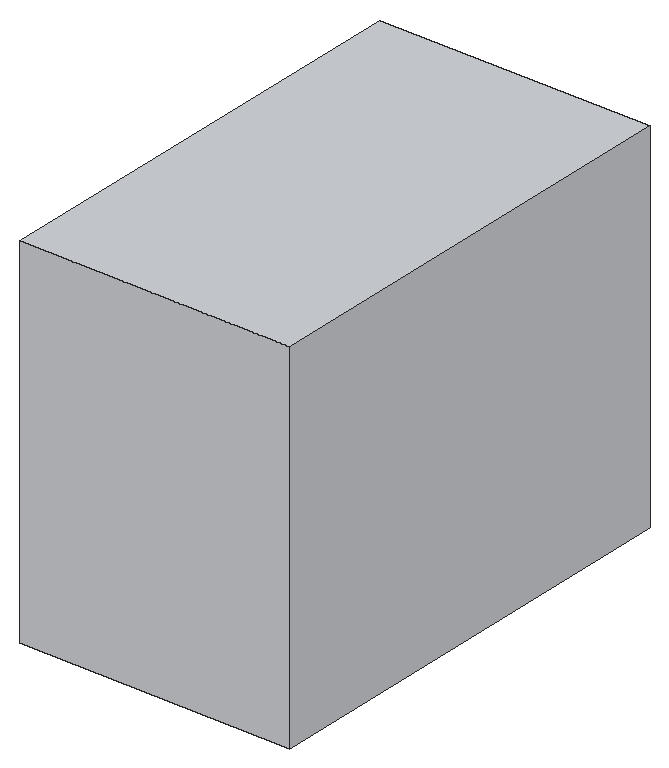
Revit family "XXX_RLT-Gerät_Befeuchter elektrisch", category HLS-Bauteile, Revit 2014
Parameters (values of type "Allgemein")
  Breite = 500 mm
  Druckverlust [instance] = 0.00 in-wg
  Länge = 300 mm
  Höhe = 400 mm
  Widerstandsbeiwert [instance] = 0
Reference planes
  plane 1 "Mitte (Vorne/Hinten)": y = 0
  plane 2: z = 0
  plane 3 "Mitte (Links/Rechts)": x = 0
  plane 4: y = 250
  plane 5: y = -250
  plane 6: x = -150
  plane 7: x = 150
  plane 8: z = 200
  plane 9: z = -200
  plane 10: x = -110
  plane 11: y = -150
  plane 12: y = 150
  plane 13: y = 100
  plane 14: y = 50
  plane 15: x = 110
  plane 16: y = 200
  plane 17: y = -200
  plane 18: y = -100
  plane 19: y = -50
  plane 20: z = 160
  plane 21: z = 120
  plane 22: z = 80
  plane 23: z = 40
  plane 24: z = -40
  plane 25: z = -80
  plane 26: z = -120
  plane 27: z = -160
Forms (mm)
  Extrusion 1, solid, detail levels medium+fine
    sketch origin (-150, 397.271, 1219.2) x (0, 1, 0) y (0, 0, 1)
      loop
        line (-147.271, -1019.2) -> (-647.271, -1019.2) -> (-647.271, -1419.2) -> (-147.271, -1419.2) -> (-147.271, -1019.2)
    from 0 to 300
Lines and regions (mm)
  model lines, detail levels coarse
    curve 1: line (-150, 250, 0) -> (150, 250, 0)
    curve 2: line (-150, -250, 0) -> (-150, 250, 0)
    curve 3: line (150, -250, 0) -> (-150, -250, 0)
    curve 4: line (150, 250, 0) -> (150, -250, 0)
    curve 5: line (-150, 0, 200) -> (150, 0, 200)
    curve 6: line (-150, 0, -200) -> (-150, 0, 200)
    curve 7: line (150, 0, -200) -> (-150, 0, -200)
    curve 8: line (150, 0, 200) -> (150, 0, -200)
    curve 9: line (0, 250, 200) -> (0, -250, 200)
    curve 10: line (0, 250, -200) -> (0, 250, 200)
    curve 11: line (0, -250, -200) -> (0, 250, -200)
    curve 12: line (0, -250, 200) -> (0, -250, -200)
    curve 13: line (-110, 200, 0) -> (-110, -200, 0)
    curve 14: line (-150, -150, 0) -> (150, -150, 0)
    curve 15: line (0, 50, 0) -> (110, 50, 0)
    curve 16: line (0, 100, 0) -> (110, 100, 0)
    curve 17: line (0, 150, 0) -> (110, 150, 0)
  model lines
    curve 18: line (-110, 200, 200) -> (-110, -200, 200)
    curve 19: line (-150, -150, 200) -> (150, -150, 200)
    curve 20: line (0, 150, 200) -> (110, 150, 200)
    curve 21: line (0, 100, 200) -> (110, 100, 200)
    curve 22: line (0, 50, 200) -> (110, 50, 200)
    curve 23: line (-110, -250, 160) -> (-110, -250, -160)
    curve 24: line (-150, -250, -120) -> (150, -250, -120)
    curve 25: line (0, -250, 120) -> (110, -250, 120)
    curve 26: line (0, -250, 80) -> (110, -250, 80)
    curve 27: line (0, -250, 40) -> (110, -250, 40)
    curve 28: line (-110, 250, 160) -> (-110, 250, -160)
    curve 29: line (150, 250, -120) -> (-150, 250, -120)
    curve 30: line (0, 250, 40) -> (110, 250, 40)
    curve 31: line (0, 250, 80) -> (110, 250, 80)
    curve 32: line (0, 250, 120) -> (110, 250, 120)
Dimensions and locks
  equal spacing: plane 6, plane 3 "Mitte (Links/Rechts)", plane 7
  "Länge": plane 6 to plane 7
  "Höhe": plane 8 to plane 9
  "Breite": plane 5 to plane 4
  locked: plane 6 to plane 10 at 40
  locked: plane 15 to plane 7 at 40
  equal spacing: plane 4, plane 16, plane 12, plane 13, plane 14, plane 1 "Mitte (Vorne/Hinten)", plane 19, plane 18, plane 11, plane 17, plane 5
  equal spacing: plane 8, plane 20, plane 21, plane 22, plane 23, level, plane 24, plane 25, plane 26, plane 27, plane 9
  aligned and locked: plane 2 to level
  aligned and locked: plane 7 to Extrusion 1
  aligned and locked: Extrusion 1 to plane 6
  aligned and locked: plane 8 to Extrusion 1
  aligned and locked: plane 9 to Extrusion 1
  aligned and locked: plane 5 to Extrusion 1
  aligned and locked: plane 4 to Extrusion 1
  aligned and locked: curve 1 to Extrusion 1
  aligned and locked: curve 2 to Extrusion 1
  aligned and locked: curve 3 to Extrusion 1
  aligned and locked: curve 4 to Extrusion 1
  aligned and locked: curve 5 to Extrusion 1
  aligned and locked: curve 6 to Extrusion 1
  aligned and locked: curve 7 to Extrusion 1
  aligned and locked: curve 8 to Extrusion 1
  aligned and locked: curve 9 to Extrusion 1
  aligned and locked: curve 11 to Extrusion 1
  aligned and locked: curve 13 to plane 10
  aligned and locked: plane 16 to curve 13
  aligned and locked: plane 17 to curve 13
  aligned and locked: plane 6 to curve 14
  aligned and locked: curve 14 to plane 11
  aligned and locked: plane 7 to curve 14
  aligned and locked: curve 15 to plane 14
  aligned and locked: curve 16 to plane 13
  aligned and locked: curve 17 to plane 12
  aligned and locked: plane 3 "Mitte (Links/Rechts)" to curve 17
  aligned and locked: plane 3 "Mitte (Links/Rechts)" to curve 16
  aligned and locked: plane 3 "Mitte (Links/Rechts)" to curve 15
  aligned and locked: plane 15 to curve 17
  aligned and locked: plane 15 to curve 16
  aligned and locked: plane 15 to curve 15
  aligned and locked: curve 18 to plane 10
  aligned and locked: curve 19 to plane 11
  aligned and locked: plane 7 to curve 19
  aligned and locked: plane 6 to curve 19
  aligned and locked: plane 17 to curve 18
  aligned and locked: plane 16 to curve 18
  aligned and locked: curve 22 to plane 14
  aligned and locked: curve 21 to plane 13
  aligned and locked: curve 20 to plane 12
  aligned and locked: plane 15 to curve 20
  aligned and locked: plane 15 to curve 21
  aligned and locked: plane 15 to curve 22
  aligned and locked: plane 3 "Mitte (Links/Rechts)" to curve 20
  aligned and locked: plane 3 "Mitte (Links/Rechts)" to curve 21
  aligned and locked: plane 3 "Mitte (Links/Rechts)" to curve 22
  aligned and locked: curve 23 to plane 10
  aligned and locked: curve 24 to plane 26
  aligned and locked: plane 7 to curve 24
  aligned and locked: plane 6 to curve 24
  aligned and locked: plane 27 to curve 23
  aligned and locked: plane 20 to curve 23
  aligned and locked: curve 27 to plane 23
  aligned and locked: curve 26 to plane 22
  aligned and locked: curve 25 to plane 21
  aligned and locked: plane 3 "Mitte (Links/Rechts)" to curve 25
  aligned and locked: plane 3 "Mitte (Links/Rechts)" to curve 26
  aligned and locked: plane 3 "Mitte (Links/Rechts)" to curve 27
  aligned and locked: plane 15 to curve 27
  aligned and locked: plane 15 to curve 26
  aligned and locked: plane 15 to curve 25
  aligned and locked: plane 10 to curve 28
  aligned and locked: plane 20 to curve 28
  aligned and locked: plane 27 to curve 28
  aligned and locked: curve 29 to plane 26
  aligned and locked: plane 6 to curve 29
  aligned and locked: plane 7 to curve 29
  aligned and locked: plane 23 to curve 30
  aligned and locked: plane 22 to curve 31
  aligned and locked: plane 21 to curve 32
  aligned and locked: plane 3 "Mitte (Links/Rechts)" to curve 32
  aligned and locked: plane 3 "Mitte (Links/Rechts)" to curve 31
  aligned and locked: plane 3 "Mitte (Links/Rechts)" to curve 30
  aligned and locked: plane 15 to curve 32
  aligned and locked: plane 15 to curve 31
  aligned and locked: plane 15 to curve 30
Automatic sketch dimensions
  Extrusion 1 sketch curve to plane 5 = 0 mm
  Extrusion 1 sketch curve to plane 4 = 0 mm
  plane 9 to Extrusion 1 sketch curve = 0 mm
  Extrusion 1 sketch curve to plane 8 = 0 mm
  curve 9 to plane 5 = 0 mm
  curve 11 to plane 4 = 0 mm
Connectors
  hvac at (-150, 0, 0), driven by "Widerstandsbeiwert", driven by "Höhe", driven by "Breite"
    settings: on Extrusion 1, index 1, duct flow 0 CFM, flow factor 0, pres drop 0.00 in-wg, loss coef 0, conn angle 0.00°, conn width 500 mm, conn height 400 mm, conn diameter 609.6 mm, duct sys type 29, conn prof type 1, flow config 0, flow direction 0, loss method 6, conn ref index 2, conn util no, is conn primary yes, conn desc ""
  hvac at (150, 0, 0), driven by "Widerstandsbeiwert", driven by "Breite", driven by "Höhe"
    settings: on Extrusion 1, index 2, duct flow 0 CFM, flow factor 0, pres drop 0.00 in-wg, loss coef 0, conn angle 0.00°, conn width 500 mm, conn height 400 mm, conn diameter 609.6 mm, duct sys type 29, conn prof type 1, flow config 0, flow direction 0, loss method 6, conn ref index 1, conn util no, is conn primary no, conn desc ""
  electrical at (0, -250, 0)
    settings: on Extrusion 1, index 3, voltage 0 V, apparent load 0 VA, apparent load phase1 0 VA, apparent load phase2 0 VA, apparent load phase3 0 VA, power factor 1, load classification "Andere", number of poles 1, system type 30, power factor state 1, is connector primary yes, connector utility no, sub classification motor no, connector description ""
